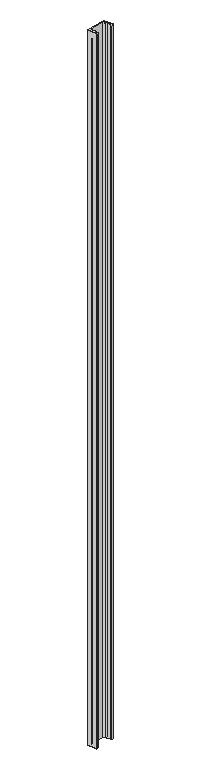
Revit family "CFC - Canais com flange cônica - Coluna", category Pilares estruturais, Revit 2019
Family settings
  Forma do corte = Não definido
  Material para o comportamento do modelo = Aço
  Exportar sempre como geometria = Não
  Redução da viga na planta = Da caixa de vinculação
  Corte com vazios quando carregada = Não
  Representação simbólica = Das configurações de projeto
  Compartilhado = Não
  Exibir o pré-corte da família na vista da planta = Sim
Parameters (values of type "C 3x6.1")
  x = 11.1 mm
  tw = 4.32 mm
  tf = 6.9 mm
  r2 = 3.45 mm
  r1 = 6.9 mm
  disp2 = 2 * r2 * cos(ângulo / 2 + 45.00°)  # 4.662 mm
  disp1 = 2 * r1 * cos(ângulo / 2 + 45.00°)  # 9.323 mm
  d = 76.2 mm
  bf = 35.8 mm
  b1 = (bf - tw) / 2  # 15.74 mm
  ângulo = 5.00°
  W = 0.0061
  Structural Material [instance] = Metal - Aço - 250 MPa
  A = 0.000778 m²
Reference planes
  plane 1 "Centro (Frente/Trás)": y = 0
  plane 2: z = 0
  plane 3 "Centro (Esquerda/Direita)": x = 0
  plane 4 "Esquerda": x = -11.1
  plane 5 "Direita": x = 24.7
  plane 6 "Parte posterior": y = 38.1
  plane 7 "Parte frontal": y = -38.1
  plane 8: y = -31.2
  plane 9: y = 31.2
  plane 10: x = -6.78
  plane 11: x = 8.96
Forms (mm)
  Extrusion 1, solid, material "Metal - Aço - 250 MPa" <- "Structural Material", detail levels medium
    sketch origin (0, 0, 0) x (1, 0, 0) y (0, 1, 0)
      loop
        line (-11.1, 38.1) -> (-11.1, -38.1) -> (24.7, -38.1) -> (24.7, -32.577) -> (8.96, -31.2) -> (-6.78, -29.823) -> (-6.78, 29.823) -> (8.96, 31.2) -> (24.7, 32.577) -> (24.7, 38.1) -> (-11.1, 38.1)
    from 0 to 2500
  Extrusion 2, solid, material "Metal - Aço - 250 MPa" <- "Structural Material", detail levels fine
    sketch origin (0, 0, 0) x (1, 0, 0) y (0, 1, 0)
      loop
        line (24.7, 38.1) -> (-11.1, 38.1) -> (-11.1, -38.1) -> (24.7, -38.1) -> (24.7, -35.738)
        arc (24.7, -35.738) -> (23.794, -33.408) -> (21.551, -32.302) r 3.45
        line (21.551, -32.302) -> (8.96, -31.2) -> (-0.481, -30.374)
        arc (-0.481, -30.374) -> (-4.967, -28.162) -> (-6.78, -23.5) r 6.9
        line (-6.78, -23.5) -> (-6.78, 23.5)
        arc (-6.78, 23.5) -> (-4.967, 28.162) -> (-0.481, 30.374) r 6.9
        line (-0.481, 30.374) -> (8.96, 31.2) -> (21.551, 32.302)
        arc (21.551, 32.302) -> (23.794, 33.408) -> (24.7, 35.738) r 3.45
        line (24.7, 35.738) -> (24.7, 38.1)
    from 0 to 2500
Lines and regions (mm)
  symbolic lines, style "Faces ocultas", detail levels medium+fine
    curve 1: line (-6.78, 38.1, 2500) -> (-6.78, 38.1, 0)
  symbolic lines, style "HiddenStructuralColumnLines", detail levels medium+fine
    curve 2: line (-11.1, 31.2, 0) -> (-11.1, 31.2, 2500)
    curve 3: line (-11.1, -31.2, 2500) -> (-11.1, -31.2, 0)
  symbolic lines, style "StructuralColumnStickSymbols", detail levels coarse
    curve 4: line (24.7, 38.1, 0) -> (-11.1, 38.1, 0)
    curve 5: line (-11.1, 38.1, 0) -> (-11.1, -38.1, 0)
    curve 6: line (-11.1, -38.1, 0) -> (24.7, -38.1, 0)
Dimensions and locks
  equal spacing: plane 7 "Parte frontal", plane 1 "Centro (Frente/Trás)", plane 6 "Parte posterior"
  "bf": plane 4 "Esquerda" to plane 5 "Direita"
  "d": plane 7 "Parte frontal" to plane 6 "Parte posterior"
  "tf": plane 6 "Parte posterior" to plane 9
  "tf": plane 8 to plane 7 "Parte frontal"
  "tw": plane 4 "Esquerda" to plane 10
  "x": plane 4 "Esquerda" to plane 3 "Centro (Esquerda/Direita)"
  "b1": plane 11 to plane 5 "Direita"
  "disp1": Extrusion 2 sketch curve to Extrusion 2 sketch curve  (x2)
  "disp2": Extrusion 2 sketch curve to Extrusion 2 sketch curve  (x2)
  "r1": radius of Extrusion 2 sketch curve  (x2)
  "r2": radius of Extrusion 2 sketch curve  (x2)
  "ângulo": angle plane 9 to Extrusion 1 sketch curve  (x2)
  "ângulo": angle Extrusion 1 sketch curve to plane 8  (x2)
  aligned and locked: level to plane 2
  aligned and locked: level to curve 1
  aligned and locked: plane 2 to curve 1
  aligned and locked: plane 10 to curve 1
  aligned and locked: plane 2 to curve 2
  aligned and locked: plane 2 to curve 3
  aligned and locked: level to curve 2
  aligned and locked: level to curve 3
  aligned and locked: plane 6 "Parte posterior" to Extrusion 1 sketch curve
  aligned and locked: plane 5 "Direita" to Extrusion 1 sketch curve  (x2)
  aligned and locked: Extrusion 1 sketch curve to plane 4 "Esquerda"
  aligned and locked: plane 9 to Extrusion 1 sketch curve
  aligned and locked: plane 11 to Extrusion 1 sketch curve  (x2)
  aligned and locked: plane 10 to Extrusion 1 sketch curve
  aligned and locked: plane 8 to Extrusion 1 sketch curve
  aligned and locked: Extrusion 1 sketch curve to plane 7 "Parte frontal"
  aligned and locked: level to Extrusion 1
  aligned and locked: Extrusion 1 to level
  aligned and locked: curve 4 to Extrusion 1
  aligned and locked: curve 5 to Extrusion 1
  aligned and locked: curve 6 to Extrusion 1
  aligned and locked: plane 5 "Direita" to curve 4
  aligned and locked: plane 4 "Esquerda" to curve 5
  aligned and locked: plane 6 "Parte posterior" to curve 5
  aligned and locked: plane 7 "Parte frontal" to curve 6
  aligned and locked: plane 4 "Esquerda" to curve 6
  aligned and locked: plane 5 "Direita" to curve 6
  aligned and locked: Extrusion 2 sketch curve to Extrusion 1  (x6)
  aligned and locked: Extrusion 1 to Extrusion 2 sketch curve  (x4)
  aligned and locked: level to Extrusion 2
  aligned and locked: Extrusion 2 to level
Automatic sketch dimensions
  curve 2 to plane 9 = 0 mm
  curve 3 to plane 8 = 0 mm
  curve 6 to plane 5 "Direita" = 0 mm
  Extrusion 2 sketch curve to plane 9 = 0 mm
  Extrusion 2 sketch curve to plane 8 = 0 mm
Types in the file's own list only (30): name | x | tw | tf | r2 | r1 | disp2 | disp1 | d | bf | b1 | W | A
  C 3x7.4 | 11 mm | 7 mm | 7 mm | 3 mm | 7 mm | 5 mm | 9 mm | 76 mm | 38 mm | 16 mm | 0.0074 | 0.00 m²
  C 3x8.9 | 12 mm | 9 mm | 7 mm | 3 mm | 7 mm | 5 mm | 9 mm | 76 mm | 41 mm | 16 mm | 0.0089 | 0.00 m²
  C 4x8.0 | 12 mm | 5 mm | 8 mm | 4 mm | 8 mm | 5 mm | 10 mm | 102 mm | 40 mm | 18 mm | 0.008 | 0.00 m²
  C 4x9.3 | 12 mm | 6 mm | 8 mm | 4 mm | 8 mm | 5 mm | 10 mm | 102 mm | 42 mm | 18 mm | 0.0093 | 0.00 m²
  C 4x10.8 | 12 mm | 8 mm | 8 mm | 4 mm | 8 mm | 5 mm | 10 mm | 102 mm | 44 mm | 18 mm | 0.0108 | 0.00 m²
  C 6x12.2 | 13 mm | 5 mm | 9 mm | 4 mm | 9 mm | 6 mm | 12 mm | 152 mm | 49 mm | 22 mm | 0.0122 | 0.00 m²
  C 6x15.6 | 13 mm | 8 mm | 9 mm | 4 mm | 9 mm | 6 mm | 12 mm | 152 mm | 52 mm | 22 mm | 0.0156 | 0.00 m²
  C 6x19.4 | 13 mm | 11 mm | 9 mm | 4 mm | 9 mm | 6 mm | 12 mm | 152 mm | 55 mm | 22 mm | 0.0194 | 0.00 m²
  C 6x23.1 | 14 mm | 14 mm | 9 mm | 4 mm | 9 mm | 6 mm | 12 mm | 152 mm | 58 mm | 22 mm | 0.0231 | 0.00 m²
  C 8x17.1 | 15 mm | 6 mm | 10 mm | 5 mm | 10 mm | 7 mm | 13 mm | 203 mm | 57 mm | 26 mm | 0.0171 | 0.00 m²
  C 8x20.5 | 14 mm | 8 mm | 10 mm | 5 mm | 10 mm | 7 mm | 13 mm | 203 mm | 60 mm | 26 mm | 0.0205 | 0.00 m²
  C 8x24.2 | 14 mm | 10 mm | 10 mm | 5 mm | 10 mm | 7 mm | 13 mm | 203 mm | 62 mm | 26 mm | 0.0242 | 0.00 m²
  C 8x27.9 | 14 mm | 12 mm | 10 mm | 5 mm | 10 mm | 7 mm | 13 mm | 203 mm | 64 mm | 26 mm | 0.0279 | 0.00 m²
  C 8x31.6 | 15 mm | 15 mm | 10 mm | 5 mm | 10 mm | 7 mm | 13 mm | 203 mm | 67 mm | 26 mm | 0.0316 | 0.00 m²
  C 10x22.7 | 16 mm | 6 mm | 11 mm | 6 mm | 11 mm | 7 mm | 15 mm | 254 mm | 66 mm | 30 mm | 0.0227 | 0.00 m²
  C 10x29.8 | 15 mm | 10 mm | 11 mm | 6 mm | 11 mm | 7 mm | 15 mm | 254 mm | 70 mm | 30 mm | 0.0298 | 0.00 m²
  C 10x37.2 | 16 mm | 13 mm | 11 mm | 6 mm | 11 mm | 7 mm | 15 mm | 254 mm | 73 mm | 30 mm | 0.0372 | 0.00 m²
  C 10x44.7 | 17 mm | 17 mm | 11 mm | 6 mm | 11 mm | 7 mm | 15 mm | 254 mm | 77 mm | 30 mm | 0.0447 | 0.01 m²
  C 10x52.1 | 18 mm | 21 mm | 11 mm | 6 mm | 11 mm | 7 mm | 15 mm | 254 mm | 81 mm | 30 mm | 0.0521 | 0.01 m²
  C 12x30.7 | 18 mm | 7 mm | 13 mm | 6 mm | 13 mm | 9 mm | 17 mm | 305 mm | 75 mm | 34 mm | 0.0307 | 0.00 m²
  C 12x37.2 | 17 mm | 10 mm | 13 mm | 6 mm | 13 mm | 9 mm | 17 mm | 303 mm | 77 mm | 34 mm | 0.0372 | 0.00 m²
  C 12x44.7 | 17 mm | 13 mm | 13 mm | 6 mm | 13 mm | 9 mm | 17 mm | 305 mm | 81 mm | 34 mm | 0.0447 | 0.01 m²
  C 12x52.1 | 18 mm | 16 mm | 13 mm | 6 mm | 13 mm | 9 mm | 17 mm | 305 mm | 84 mm | 34 mm | 0.0521 | 0.01 m²
  C 12x59.6 | 18 mm | 19 mm | 13 mm | 6 mm | 13 mm | 9 mm | 17 mm | 305 mm | 87 mm | 34 mm | 0.0596 | 0.01 m²
  C 15x50.4 | 20 mm | 10 mm | 17 mm | 8 mm | 17 mm | 11 mm | 22 mm | 381 mm | 86 mm | 38 mm | 0.0504 | 0.01 m²
  C 15x52.1 | 20 mm | 11 mm | 17 mm | 8 mm | 17 mm | 11 mm | 22 mm | 381 mm | 87 mm | 38 mm | 0.0521 | 0.01 m²
  C 15x59.5 | 20 mm | 13 mm | 17 mm | 8 mm | 17 mm | 11 mm | 22 mm | 381 mm | 89 mm | 38 mm | 0.0595 | 0.01 m²
  C 15x67.0 | 20 mm | 16 mm | 17 mm | 8 mm | 17 mm | 11 mm | 22 mm | 381 mm | 92 mm | 38 mm | 0.067 | 0.01 m²
  C 15x74.4 | 20 mm | 18 mm | 17 mm | 8 mm | 17 mm | 11 mm | 22 mm | 381 mm | 94 mm | 38 mm | 0.0744 | 0.01 m²
  C 15x81.9 | 22 mm | 21 mm | 17 mm | 8 mm | 17 mm | 11 mm | 22 mm | 381 mm | 97 mm | 38 mm | 0.0819 | 0.01 m²
